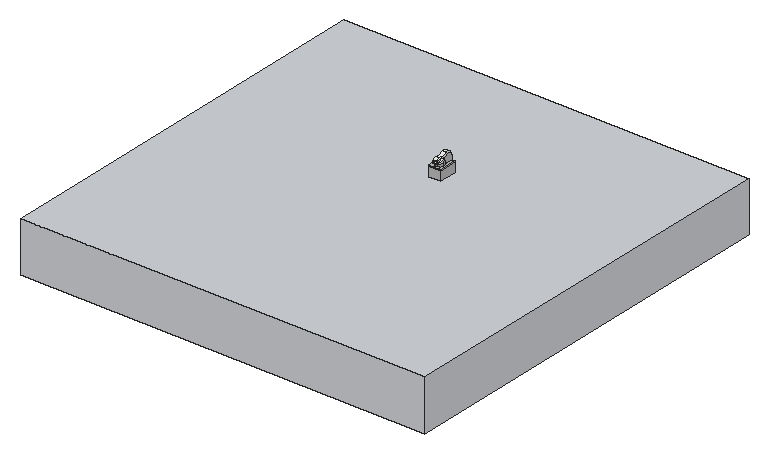
Revit family "LEGRAND_PRISES_NON_VERROUILLEES_SAILLIES_IP44_40", category Installations électriques, Revit 2018
Family settings
  Hôte = Face
  Conserver l'orientation des annotations = Non
  Cote de connecteur circulaire = Utiliser le diamètre
  Type d'élément = Normal
  Couper avec des vides une fois chargée = Non
  Partagée = Non
  Point de calcul de pièce = Non
Parameters
  type de raccordement = "bornes à vis"
  sans halogène = yes
  résistance aux chocs IK = "09"
  profondeur mm = 105 mm
  profondeur d'encastrement mm = 58 mm
  matériau du boitier = "plastique"
  largeur mm = 74 mm
  installation Encastrée E ou Saillie S = "encastré et saillie"
  hauteur mm = 106 mm
  h1 = 0.6 * hauteur mm  # 63.6 mm
  entraxe de fixation vertical mm = 60 mm
  entraxe de fixation horizontal mm = 52 mm
  classe de protection IP = "IP44"
  Tension V = "40 50 V  50/60 Hz  blanc"
  Température minimum d'utilisation = "-50°C"
  Température minimum d'installation = "-20°C"
  Température maximum d'utilisation = "100°C"
  Température maximale d'installation = "40°C"
  Standard CEI ou NFC = "CEI"
  Ray = Dia bouchon / 2  # 24.05 mm
  RAY BOUCHON = Dia bouchon / 2  # 24.05 mm
  Position de la Terre h = 10
  Nombre de pôles = 2
  Model = "052405"
  Intensité A = 16 A
  Couleur caractéristique = "blanc"
  Conditions Générale d'Utilisation = "https://export.legrand.com/CGU-objets-BIM"
  Fabricant = "Legrand"  # constant formula
  Elévation par défaut = 1000 mm
  Dia bouchon = 0.65 * largeur mm  # 48.1 mm
  Description = "Prise au standard international pour montage encastré ou saillie avec accessoire permet la connexion d'appareils de puissance"
Types (4, lengths in mm): name | profondeur mm | Position de la Terre h | Nombre de pôles | Model
  (no name) | 105 | 10 | 2 | "052405"
  Socle tableau Hypra   IP44   TBT 16 A   40/50V   2P   plast saillie boitier simple | 105 | 12 | 2 | "052403"
  Socle tableau Hypra   IP44   TBT 16 A   40/50V   3P   plast saillie boitier simple | 97 | 12 | 3 | "052404"
  Socle tableau Hypra   IP44   TBT 16 A   20/50 V continu   2P   plast saillie boitier simple | 105 | 10 | 2 | "052405"
Reference planes
  plane 1 "Centre (avant/arrière)": y = 0
  plane 2: z = 0
  plane 3 "Centre (gauche/droite)": x = 0
  plane 4: z = 0
  plane 5: z = 105
  plane 6: x = -37
  plane 7: x = 37
  plane 8: y = 63.6
  plane 9: y = -42.4
  plane 10: z = 58
  plane 11: z = 63.5
  plane 12: x = -16
  plane 13: x = 16
  plane 14: x = 11
  plane 15: x = -11
  plane 16: z = 85
  plane 17: y = 43.6
  plane 18: y = 32.6
  plane 19: z = 95
Forms (mm)
  Extrusion 1, solid
    sketch origin (-66.799, -339.2, 0) x (1, 0, 0) y (0, 1, 0)
      loop
        line (-1219.2, 1219.2) -> (-1219.2, -1219.2) -> (1219.2, -1219.2) -> (1219.2, 1219.2) -> (-1219.2, 1219.2)
    from 0 to -304.8
  Extrusion 2, solid, material "Legrand - Plastique gris"
    sketch origin (0, -14.113, 96.774) x (1, 0, 0) y (0, 0.939693, 0.34202)
      loop
        circle (0, 0) r 24.05
    from -12.32 to -94.232
  Extrusion 3, solid, material "Legrand - Plastique gris"
    sketch origin (0, -1506.027, 58) x (0, -1, 0) y (1, 0, 0)
      loop
        line (-1569.627, -37) -> (-1463.627, -37) -> (-1463.627, 37) -> (-1569.627, 37) -> (-1569.627, -37)
    from 0 to 5.5
  Revolve 4, solid, material "Legrand - Plastique blanc"
    sketch origin (0, 0, 58) x (0, -0.34202, 0.939693) y (0, -0.939693, -0.34202)
      loop
        arc (41.263, 0) -> (39.846, 12.42) -> (35.265, 24.05) r 47.913
        line (35.265, 24.05) -> (28.943, 24.05) -> (28.943, 0) -> (41.263, 0)
      axis (28.943, 0) -> (41.263, 0)
    angle from 0 to 360
  Extrusion 5, solid, material "Legrand - Plastique gris"
    sketch origin (0, 0, 0) x (0, 1, 0) y (0, 0, 1)
      loop
        line (-9.899, 85.198) -> (-2.002, 63.5) -> (63.6, 63.5) -> (63.6, 86.342)
        arc (63.6, 86.342) -> (58.435, 99.154) -> (46.232, 105.628) r 20.148
        line (46.232, 105.628) -> (-9.899, 85.198)
    from -16 to 16
  Extrusion 6, solid, material "Legrand - Plastique gris"
    sketch origin (0, 0, 0) x (0, 1, 0) y (0, 0, 1)
      loop
        line (63.6, 58) -> (-42.4, 58) -> (-42.4, 0) -> (63.6, 0) -> (63.6, 58)
    from -37 to 37
  Extrusion 7, solid, material "Legrand - Plastique blanc"
    sketch origin (0, 0, 0) x (0, 1, 0) y (0, 0, 1)
      loop
        line (32.6, 113.776) -> (-44.521, 85.707) -> (-32.499, 76.972) -> (0, 88.801) -> (0, 63.5) -> (62.1, 63.5) -> (62.1, 95)
        arc (62.1, 95) -> (51.977, 111.658) -> (32.6, 113.776) r 22.045
    from -11 to 11
  Extrusion 8, solid, material "Legrand - Plastique blanc"
    sketch origin (0, -32.499, 76.972) x (0, -0.809017, 0.587785) y (1, 0, 0)
      loop
        line (0, 11) -> (0, -11) -> (14.9, -11)
        arc (14.9, -11) -> (25.9, 0) -> (14.9, 11) r 11
        line (14.9, 11) -> (0, 11)
    from 0 to 5.558
Cuts and joins
  joined: Extrusion 2, Extrusion 3, Extrusion 5
  joined: Extrusion 7, Extrusion 8
Lines and regions (mm)
  reference lines
    curve 1: line (0, 0, 58) -> (0, -14.113, 96.774)
    curve 2: line (0, -14.113, 96.774) -> (0, -36.712, 88.549)
    curve 3: line (0, -14.113, 96.774) -> (0, 8.487, 105)
    curve 4: line (0, 0, 58) -> (0, 18.116, 8.226)
    curve 5: line (0, 18.116, 8.226) -> (0, 40.716, 16.451)
    curve 6: line (0, 18.116, 8.226) -> (0, -4.483, 0)
    curve 7: line (0, -9.899, 85.198) -> (0, -32.499, 76.972)
    curve 8: line (0, -9.899, 85.198) -> (0, 12.7, 93.423)
    curve 9: line (0, -32.499, 76.972) -> (0, -52.724, 91.667)
Dimensions and locks
  "profondeur mm": plane 5 to plane 4
  "hauteur mm": plane 8 to plane 9
  equal spacing: plane 6, plane 3 "Centre (gauche/droite)", plane 7
  "largeur mm": plane 6 to plane 7
  "profondeur d'encastrement mm": plane 10 to plane 4
  equal spacing: curve 2, curve 1, curve 3
  "Dia bouchon": curve 3 to curve 2
  equal spacing: curve 5, curve 4, curve 6
  "Dia bouchon": curve 5 to curve 6
  equal spacing: curve 8, curve 1, curve 7
  "Dia bouchon": curve 7 to curve 8
  curve 8 to curve 3 = 12.32 mm
  "h1": plane 8 to plane 1 "Centre (avant/arrière)"
  locked: plane 11 to plane 10 at 5.5
  plane 12 to plane 3 "Centre (gauche/droite)" to plane 13 = 16 mm, 16 mm
  locked: Revolve 4 sketch curve to curve 2 at 5.998
  locked: plane 14 to plane 13 at 5
  locked: plane 12 to plane 15 at 5
  locked: Extrusion 7 sketch curve to plane 8 at 1.5
  "RAY BOUCHON": Revolve 4 sketch curve to Revolve 4 sketch curve
  locked: plane 17 to plane 8 at 20
  locked: plane 16 to plane 5 at 20
  locked: plane 18 to plane 8 at 31
  locked: plane 5 to plane 19 at 10
  locked: Extrusion 8 sketch curve to Extrusion 8 sketch curve at 14.9
  "Ray": radius of Extrusion 2 sketch curve
  locked: plane 1 "Centre (avant/arrière)" to curve 1 (angle 20.00°)
  locked: curve 3 to curve 1 (angle 90.00°)
  locked: curve 1 to curve 2 (angle 90.00°)
  locked: curve 4 to plane 1 "Centre (avant/arrière)" (angle 20.00°)
  locked: curve 4 to curve 5 (angle 90.00°)
  locked: curve 6 to curve 4 (angle 90.00°)
  locked: curve 7 to curve 1 (angle 90.00°)
  locked: curve 1 to curve 8 (angle 90.00°)
  locked: plane 9 to curve 9 (angle 54.00°)
  aligned and locked: plane 2 to Extrusion 1
  aligned and locked: level to Extrusion 1
  aligned and locked: plane 10 to curve 1
  aligned and locked: plane 1 "Centre (avant/arrière)" to curve 1
  aligned and locked: plane 5 to curve 3
  aligned and locked: plane 4 to curve 6
  aligned and locked: Extrusion 2 to curve 4
  aligned and locked: Extrusion 3 to plane 10
  aligned and locked: curve 7 to curve 8
  aligned and locked: plane 11 to Extrusion 5 sketch curve
  aligned and locked: curve 8 to Extrusion 5 sketch curve
  aligned and locked: Extrusion 6 to plane 6
  aligned and locked: plane 7 to Extrusion 6
  aligned and locked: plane 2 to plane 4
  aligned and locked: Extrusion 2 to curve 7
  aligned and locked: Extrusion 5 to curve 1
  aligned and locked: Extrusion 5 sketch curve to plane 8
  aligned and locked: Extrusion 7 sketch curve to curve 2
  aligned and locked: Extrusion 7 sketch curve to curve 7
  aligned and locked: cut or joined group of Extrusion 2, Extrusion 3, Extrusion 5 to Extrusion 7 sketch curve  (x2)
  aligned and locked: Extrusion 7 to plane 15
  aligned and locked: Extrusion 7 to plane 14
  aligned and locked: plane 18 to Extrusion 7 sketch curve
  aligned and locked: plane 19 to Extrusion 7 sketch curve
  aligned and locked: Extrusion 8 to curve 9  (x2)
  aligned and locked: Extrusion 8 to Extrusion 7 sketch curve
Automatic sketch dimensions
  Extrusion 1 sketch curve to Extrusion 1 sketch curve = 2438.4 mm  (x2)
  Extrusion 3 sketch curve to plane 7 = 0 mm
  Extrusion 3 sketch curve to plane 8 = 0 mm
  Extrusion 3 sketch curve to plane 6 = 0 mm
  Extrusion 3 sketch curve to plane 9 = 0 mm
  Extrusion 6 sketch curve to plane 9 = 0 mm
  Extrusion 6 sketch curve to level = 0 mm
  Extrusion 6 sketch curve to plane 8 = 0 mm
  Extrusion 6 sketch curve to plane 10 = 0 mm
  plane 17 to Extrusion 5 sketch curve = 2.632 mm
  Extrusion 5 sketch curve to plane 16 = 1.342 mm
  plane 1 "Centre (avant/arrière)" to Extrusion 5 sketch curve = 2.002 mm
  Extrusion 5 sketch curve to plane 16 = 0.671 mm
  Extrusion 8 sketch curve to curve 9 = 0 mm
  Extrusion 8 sketch curve to curve 9 = 11 mm
  Extrusion 8 sketch curve to curve 9 = 10.1 mm
  Extrusion 8 sketch curve to Extrusion 8 sketch curve = 0 mm
  Extrusion 7 sketch curve to plane 1 "Centre (avant/arrière)" = 0 mm
  Extrusion 2 sketch curve to plane 3 "Centre (gauche/droite)" = 0 mm
  Revolve 4 sketch curve to curve 1 = 0 mm  (x5)
  Revolve 4 sketch curve to curve 1 = 0.825 mm
  Revolve 4 sketch curve to Revolve 4 sketch curve = 6.321 mm
Connectors
  electrical at (0, 10.6, 58)
    settings: on cut or joined group of Extrusion 2, Extrusion 3, Extrusion 5, index 1, voltage 0 V, apparent load 0 VA, apparent load phase1 0 VA, apparent load phase2 0 VA, apparent load phase3 0 VA, power factor 1, load classification "Autre", number of poles 1, system type 31, power factor state 1, is connector primary yes, connector utility no, sub classification motor no, connector description ""
